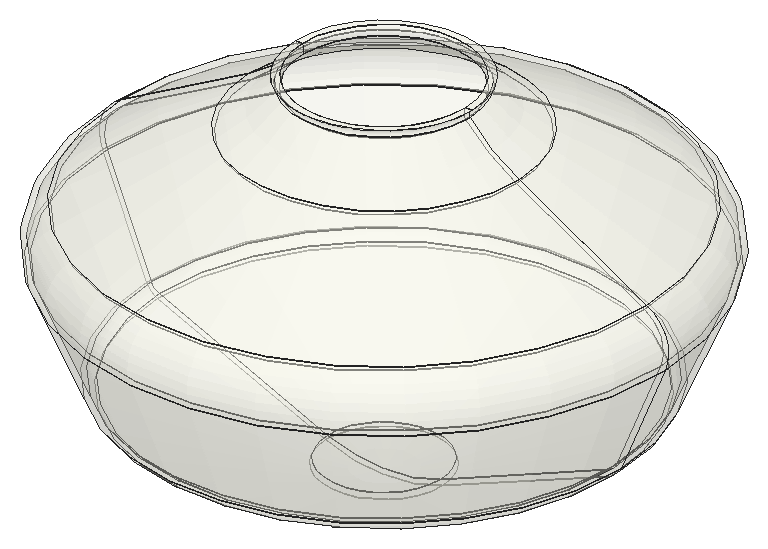
Revit family "SHC10", category Generic Models, Revit 2024
Family settings
  Can host rebar = No
  Round Connector Dimension = Use Diameter
  Part Type = Normal
  Work Plane-Based = No
  Always vertical = Yes
  Cut with Voids When Loaded = No
  Maintain Annotation Orientation = No
  Shared = No
  Room Calculation Point = No
Parameters
  Default Elevation = 0' - 0"
Reference planes (in)
  plane 1 "Center (Front/Back)": y = 0
  plane 2: z = 0
  plane 3 "Center (Left/Right)": x = 0
Forms (in)
  Revolve 1, solid, material "CLEAR"
    sketch origin (0, 0, 0) x (1, 0, 0) y (0, 0, 1)
      loop
        line (1.56409, 44.96157) -> (1.43274, 44.96157)
        arc (1.43274, 44.96157) -> (1.41203, 44.86901) -> (1.43981, 44.77832) r 0.18537
        arc (1.43981, 44.77832) -> (1.85735, 44.3876) -> (2.33315, 44.07041) r 3.48581
        line (2.33315, 44.07041) -> (4.58692, 42.87584)
        arc (4.58692, 42.87584) -> (4.88132, 42.53451) -> (4.86705, 42.08399) r 0.62054
        line (4.86705, 42.08399) -> (4.09197, 40.26779)
        arc (4.09197, 40.26779) -> (4.03513, 40.18409) -> (3.95092, 40.128) r 0.26339
        arc (3.95092, 40.128) -> (2.45005, 39.58672) -> (0.99238, 38.93802) r 21.98477
        arc (0.99238, 38.93802) -> (0.50466, 38.80034) -> (0, 38.75393) r 2.76691
        line (0, 38.75393) -> (0, 38.66018)
        arc (0, 38.66018) -> (0.52381, 38.70854) -> (1.0299, 38.852) r 2.86066
        arc (1.0299, 38.852) -> (2.48483, 39.49966) -> (3.98299, 40.03983) r 21.89102
        arc (3.98299, 40.03983) -> (4.0996, 40.11601) -> (4.1782, 40.23099) r 0.35714
        line (4.1782, 40.23099) -> (4.95327, 42.04719)
        arc (4.95327, 42.04719) -> (4.9697, 42.56578) -> (4.63082, 42.95867) r 0.71429
        line (4.63082, 42.95867) -> (2.37783, 44.15284)
        arc (2.37783, 44.15284) -> (1.91913, 44.45827) -> (1.51594, 44.83395) r 3.39206
        arc (1.51594, 44.83395) -> (1.51154, 44.9085) -> (1.56409, 44.96157) r 0.09162
      axis (0, 44.96157) -> (0, 38.66018)
    angle from 0 to 360
Dimensions and locks (in)
  aligned and locked: plane 2 to level
